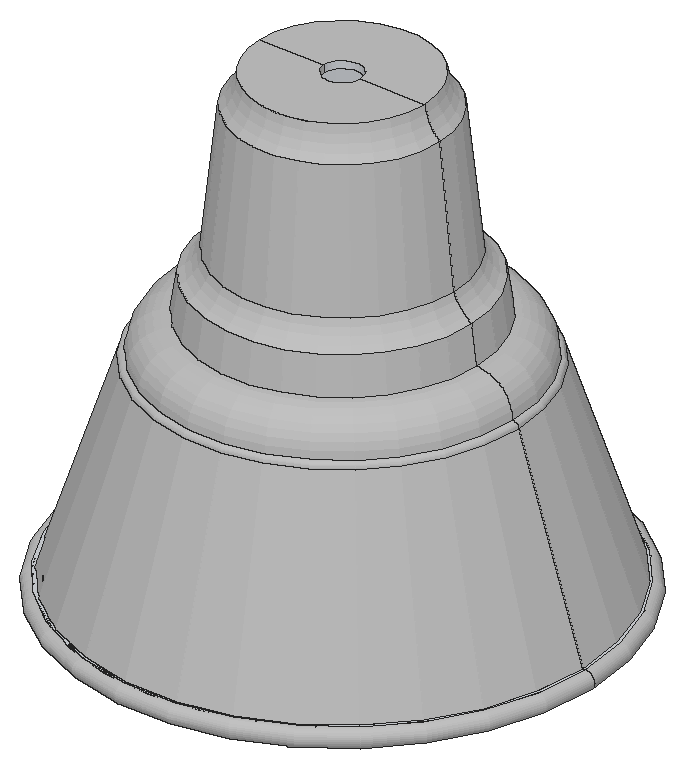
Revit family "W507 SHADE", category Lighting Fixtures, Revit 2024
Family settings
  Round Connector Dimension = Use Diameter
  Part Type = Normal
  OmniClass Number = 23.80.70.00
  OmniClass Title = Lighting
  Work Plane-Based = No
  Always vertical = Yes
  Cut with Voids When Loaded = No
  Light Source = Yes
  Maintain Annotation Orientation = No
  Shared = No
  Room Calculation Point = No
Parameters
  Wattage = 12.1178 W
  built-in parameter 1150110 = 1 (stored number, unit not read)
  built-in parameter 1114217 = 1 (stored number, unit not read)
  built-in parameter 1150109 = 1 (stored number, unit not read)
  built-in parameter 1150134 = (empty or 0)
  built-in parameter 1150113 = 1 (stored number, unit not read)
  Lumens = 1800 lm
  built-in parameter 1150115 = 1 (stored number, unit not read)
  built-in parameter 1150105 = 572.96 (stored number, unit not read)
  Light Source Symbol Size = 2' - 0"
  built-in parameter 1150137 = (empty or 0)
  built-in parameter 1150139 = (empty or 0)
  built-in parameter 1150112 = 1 (stored number, unit not read)
  built-in parameter 1150114 = 1 (stored number, unit not read)
  built-in parameter 1150132 = 2
  built-in parameter 1150102 = (empty or 0)
  built-in parameter 1150138 = (empty or 0)
  built-in parameter 1150107 = 3000 (stored number, unit not read)
  built-in parameter 1150106 = 5.7296 (stored number, unit not read)
  built-in parameter 1150104 = 13.8 (stored number, unit not read)
  Dimming Lamp Color Temperature Shift = (empty or 0)
  Default Elevation = 0' - 0"
  Color Filter = 16777215
  built-in parameter 1114218 = 1 (stored number, unit not read)
  built-in parameter 1150133 = 10 (stored number, unit not read)
Reference planes (in)
  plane 1 "Light Source Axis (F/B)": y = 0
  plane 2: z = 0
  plane 3 "Light Source Axis (L/R)": x = 0
  plane 4 "Light Source Elevation": z = 84
Forms (in)
  Revolve 1, solid
    sketch origin (0, 0, 0) x (1, 0, 0) y (0, 0, 1)
      loop
        line (-3.26087, 84.17597) -> (-2.35604, 86.8954)
        arc (-2.35604, 86.8954) -> (-2.32487, 86.95435) -> (-2.27625, 87) r 0.20271
        arc (-2.27625, 87) -> (-2.12728, 87.31439) -> (-1.78963, 87.39822) r 0.40625
        line (-1.78963, 87.39822) -> (-1.71386, 87.93734)
        arc (-1.71386, 87.93734) -> (-1.55109, 88.09023) -> (-1.45376, 88.29124) r 0.61395
        line (-1.45376, 88.29124) -> (-1.26038, 90.05715)
        arc (-1.26038, 90.05715) -> (-1.14185, 90.21921) -> (-1.06884, 90.40625) r 0.77655
        line (-1.06884, 90.40625) -> (-0.25, 90.40625) -> (-0.25, 90.5) -> (-1.14619, 90.5)
        arc (-1.14619, 90.5) -> (-1.21428, 90.28277) -> (-1.35, 90.1) r 0.6828
        line (-1.35, 90.1) -> (-1.54611, 88.30917)
        arc (-1.54611, 88.30917) -> (-1.64152, 88.12645) -> (-1.80041, 87.99513) r 0.5202
        line (-1.80041, 87.99513) -> (-1.87, 87.5)
        arc (-1.87, 87.5) -> (-2.22355, 87.35355) -> (-2.37, 87) r 0.5
        arc (-2.37, 87) -> (-2.42303, 86.97803) -> (-2.445, 86.925) r 0.075
        line (-2.445, 86.925) -> (-3.33504, 84.25) -> (-3.375, 84.25)
        arc (-3.375, 84.25) -> (-3.44302, 84.02013) -> (-3.26087, 84.17597) r 0.125
      axis (0, 90.5) -> (0, 84.17597)
    angle from 0 to 360
Dimensions and locks (in)
  aligned and locked: plane 3 "Light Source Axis (L/R)" to imposter light
  aligned and locked: plane 1 "Light Source Axis (F/B)" to imposter light
  aligned and locked: plane 4 "Light Source Elevation" to imposter light
  aligned and locked: level to plane 2
